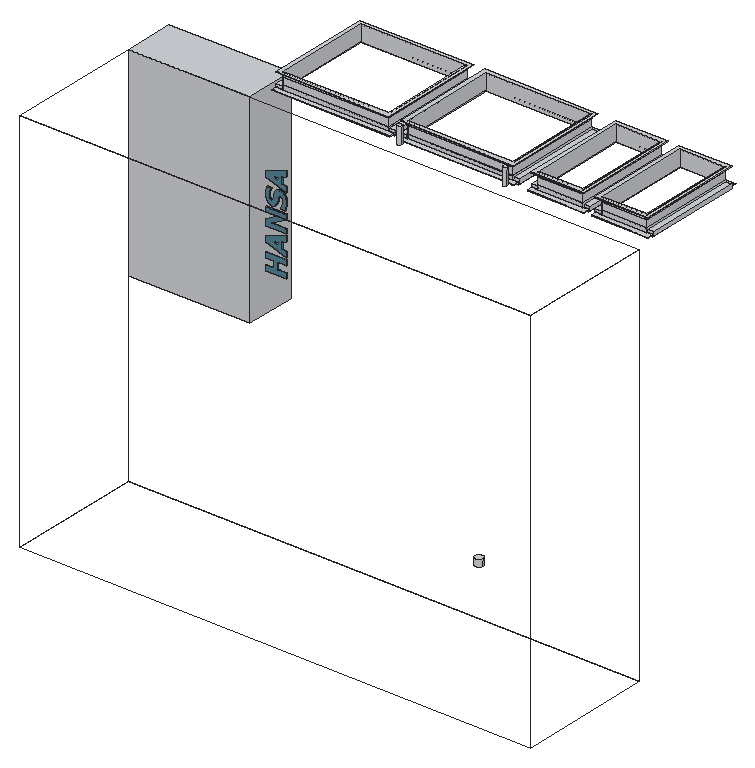
Revit family "KL-P-015-iK-G-R", category HLS-Bauteile, Revit 2020
Family settings
  Bemaßung runder Anschluss = Durchmesser verwenden
  Klassifizierung = Keine
  Teiletyp = Normal
  Arbeitsebenenbasiert = Nein
  Immer vertikal = Ja
  Beim Laden mit Abzugskörper schneiden = Nein
  Gemeinsam genutzt = Nein
  Raumberechnungspunkt = Nein
Parameters
  Zuluftbreite [instance] = 520 mm  # constant formula
  Vorgabe-Ansicht = 0 mm
  TyS [instance] = size_lookup("TyS_Hansa_KL_P", "", "ND", RLT_Serie, Gehaeuserichtung, Gehaeuseausfuehrung, RLT_MSR_KZ)  # "KL-P-015-iK-G-R-eCS"
  Schaltschrankbreite [instance] = 600 mm
  Schaltschrank_montiert [instance] = yes
  SSaG [instance] = and(or(Regelung SAIA, Regelung OJ), Schaltschrank_montiert)  # yes
  Regelung SAIA [instance] = yes
  Regelung OJ [instance] = no
  RLT_Volumenstrom_max = 1500 m³/h  # constant formula
  RLT_Volumenstrom_Unit_2 [instance] = 1500 m³/h
  RLT_Volumenstrom_Unit_1 [instance] = 1500 m³/h
  RLT_Typenschlüssel [instance] = TyS  # "KL-P-015-iK-G-R-eCS"
  RLT_Serie = "KL-P-015-iK"  # constant formula
  RLT_Material_außen [instance] = Stahlblech verzinkt + RAL 9002
  RLT_MSR_KZ [instance] = if(Regelung SAIA, "eCS", if(Regelung OJ, "eCO", "-"))  # "eCS"
  RLT_Länge [instance] = L  # 1920 mm
  RLT_Höhe = H  # 1790 mm
  RLT_Gewicht [instance] = size_lookup("TD_Hansa_KL_P", "Gewicht", 0 mm, TyS) / 1 mm * 1.00 kg  # 0.00 kg
  RLT_Breite = B  # 670 mm
  Modell = "KL-P-015-iK-G-R"  # constant formula
  L2 = 660 mm  # constant formula
  L1 = 1260 mm  # constant formula
  L = L1 + L2  # 1920 mm
  Kanaltiefe [instance] = RLT_Breite - 190 mm  # 480 mm
  Hersteller = "Hansa"  # constant formula
  H = 1790 mm  # constant formula
  GeräteOK [instance] = H + Fuß  # 1910 mm
  Gehaeuserichtung [instance] = "R"  # constant formula
  Gehaeuseausfuehrung [instance] = "geteilt"  # constant formula
  GD_Spannung [instance] = 230 V
  GD_Phasen [instance] = 1
  GD_Nennstrom [instance] = 0 A
  GD_Anschlussleistung [instance] = 0 W
  Fuß [instance] = 120 mm  # constant formula
  Fortluftbreite = 220 mm  # constant formula
  Bedienzone [instance] = yes
  Baugruppe [instance] = "RLT-Gerät"  # constant formula
  BZl [instance] = if(and(or(Regelung SAIA, Regelung OJ), Schaltschrank_montiert), L + Schaltschrankbreite, L)  # 2520 mm
  B = 670 mm  # constant formula
  Außenluftbreite = 220 mm  # constant formula
  Abluftbreite [instance] = 520 mm  # constant formula
Reference planes
  plane 1 "Mitte (Vorne/hinten)": y = 0
  plane 2: z = 0
  plane 3 "Mitte (Links/rechts)": x = 0
  plane 4: x = -960
  plane 5: x = 960
  plane 6 "GV": y = -335
  plane 7 "GH": y = 335
  plane 8 "OKG": z = 1910
  plane 9: y = 272.5
  plane 10: y = -312.5
  plane 11: x = -897.5
  plane 12: x = 897.5
  plane 13: x = -377.5
  plane 14: x = -282.5
  plane 15: x = 237.5
  plane 16: x = 677.5
  plane 17: x = 582.5
  plane 18: x = 362.5
  plane 19: z = 1990
  plane 20 "UKG": z = 120
  plane 21: y = -85
  plane 22: y = -125
  plane 23: z = 90
  plane 24: y = -259
  plane 25: x = 300
  plane 26: y = -1005
  plane 27: x = -1560
Forms (mm)
  Extrusion 1, solid, visible <- "SSaG"
    sketch origin (-61.559, 0, -70) x (1, 0, 0) y (0, 0, 1)
      loop
        line (-1498.441, 1980) -> (-1498.441, 980) -> (-898.441, 980) -> (-898.441, 1980) -> (-1498.441, 1980)
    from 335 to 85
  Extrusion 2, solid
    sketch origin (0, 0, 0) x (1, 0, 0) y (0, 1, 0)
      loop
        circle (0, -125) r 20
    from 120 to 90
  Extrusion 3, solid, material "Glas - klar", visible <- "Bedienzone"
    sketch origin (-600, 0, 0) x (1, 0, 0) y (0, 1, 0)
      loop
        line (-960, -335) -> (-960, -1005) -> (1560, -1005) -> (1560, -335) -> (-960, -335)
    from 1910 to 0
  Extrusion 4, solid
    sketch origin (0, 0, 0) x (1, 0, 0) y (0, 1, 0)
      loop
        circle (-282.5, -259) r 10
    from 1990 to 1910
  Extrusion 5, solid
    sketch origin (0, 0, 0) x (1, 0, 0) y (0, 1, 0)
      loop
        circle (237.5, -259) r 10
    from 1990 to 1910
Dimensions and locks
  equal spacing: plane 4, plane 3 "Mitte (Links/rechts)", plane 5
  "L": plane 4 to plane 5
  "B": plane 7 "GH" to plane 6 "GV"
  locked: plane 7 "GH" to plane 9 at 62.5
  locked: plane 4 to plane 11 at 62.5
  locked: plane 12 to plane 5 at 62.5
  "Abluftbreite": plane 11 to plane 13
  locked: plane 13 to plane 14 at 95
  "Zuluftbreite": plane 14 to plane 15
  "Fortluftbreite": plane 16 to plane 12
  locked: plane 17 to plane 16 at 95
  "Außenluftbreite": plane 18 to plane 17
  plane 15 to plane 18 = 125 mm
  locked: nested 3 to plane 16 at 95
  "Fuß": plane 20 "UKG" to level
  plane 19 to plane 8 "OKG" = 80 mm
  locked: plane 4 to nested 1 at 62.5
  locked: plane 13 to nested 2 at 95
  locked: nested 4 to plane 5 at 62.5
  plane 5 to Extrusion 1 = 1920 mm
  "RLT_Höhe": plane 8 "OKG" to plane 20 "UKG"
  equal spacing: plane 7 "GH", plane 1 "Mitte (Vorne/hinten)", plane 6 "GV"
  locked: plane 6 "GV" to plane 21 at 250
  locked: plane 6 "GV" to plane 22 at 210
  plane 20 "UKG" to plane 23 = 30 mm
  locked: plane 24 to plane 6 "GV" at 76
  "L1": plane 4 to plane 25
  "B": plane 26 to plane 6 "GV"
  "BZl": Extrusion 3 to Extrusion 3
  "Schaltschrankbreite": plane 27 to plane 4
  plane 18 to plane 15 = 125 mm
  aligned and locked: level to plane 2
  aligned and locked: plane 8 "OKG" to Extrusion 1
  aligned and locked: Extrusion 1 to plane 6 "GV"
  aligned and locked: plane 21 to Extrusion 1
  aligned and locked: plane 20 "UKG" to Extrusion 2
  aligned and locked: Extrusion 2 to plane 23
  aligned and locked: Extrusion 3 to plane 6 "GV"
  aligned and locked: Extrusion 3 to plane 26
  aligned and locked: plane 8 "OKG" to Extrusion 3
  aligned and locked: Extrusion 1 to plane 4
  aligned and locked: plane 19 to Extrusion 4
  aligned and locked: Extrusion 4 to plane 8 "OKG"
  aligned and locked: plane 19 to Extrusion 5
  aligned and locked: Extrusion 1 to Extrusion 3
  aligned and locked: plane 7 "GH" to nested 6
  aligned and locked: plane 4 to nested 6
Automatic sketch dimensions
  Extrusion 1 sketch curve to plane 5 = 2520 mm
  Extrusion 1 sketch curve to plane 8 "OKG" = 0 mm
  Extrusion 1 sketch curve to plane 5 = 1920 mm
  plane 20 "UKG" to Extrusion 1 sketch curve = 790 mm
  Extrusion 2 sketch curve to plane 3 "Mitte (Links/rechts)" = 0 mm
  Extrusion 2 sketch curve to plane 22 = 0 mm
  plane 4 to Extrusion 3 sketch curve = 600 mm
  Extrusion 3 sketch curve to plane 5 = 0 mm
  Extrusion 3 sketch curve to plane 26 = 0 mm
  plane 6 "GV" to Extrusion 3 sketch curve = 0 mm
  Extrusion 4 sketch curve to plane 14 = 0 mm
  Extrusion 4 sketch curve to plane 24 = 0 mm
  Extrusion 5 sketch curve to plane 15 = 0 mm
  Extrusion 5 sketch curve to plane 24 = 0 mm
  radius of Extrusion 2 sketch curve = 20 mm
  radius of Extrusion 4 sketch curve = 10 mm
  radius of Extrusion 5 sketch curve = 10 mm
Nested families
  nested 1: "Kanalstutzen" at (-637.5, 29.209, 1910) x (1, 0, 0) z (0, -1, 0), 2570_EST_Breite <- "Abluftbreite", 2571_EST_Höhe <- "Kanaltiefe", built-in parameter 1001360 <- "GeräteOK", type "Kanalstutzen"
    with Tiefe 80 mm, RahmenG2 20 mm, RahmenG1 30 mm, Höhe 480 mm, Breite 520 mm, 2572_EST_Tiefe 80 mm, 2571_EST_Höhe 480 mm, 2570_EST_Breite 520 mm, 1966_EST_Rahmentyp ""
  nested 2: "Kanalstutzen" at (-22.5, 29.209, 1910) x (1, 0, 0) z (0, -1, 0), 2570_EST_Breite <- "Zuluftbreite", 2571_EST_Höhe <- "Kanaltiefe", built-in parameter 1001360 <- "GeräteOK", type "Kanalstutzen"
    with Tiefe 80 mm, RahmenG2 20 mm, RahmenG1 30 mm, Höhe 480 mm, Breite 520 mm, 2572_EST_Tiefe 80 mm, 2571_EST_Höhe 480 mm, 2570_EST_Breite 520 mm, 1966_EST_Rahmentyp ""
  nested 3: "Kanalstutzen" at (472.5, 29.209, 1910) x (1, 0, 0) z (0, -1, 0), 2570_EST_Breite <- "Außenluftbreite", 2571_EST_Höhe <- "Kanaltiefe", built-in parameter 1001360 <- "GeräteOK", type "Kanalstutzen"
    with Tiefe 80 mm, RahmenG2 20 mm, RahmenG1 30 mm, Höhe 480 mm, Breite 220 mm, 2572_EST_Tiefe 80 mm, 2571_EST_Höhe 480 mm, 2570_EST_Breite 220 mm, 1966_EST_Rahmentyp ""
  nested 4: "Kanalstutzen" at (787.5, 29.209, 1910) x (1, 0, 0) z (0, -1, 0), 2570_EST_Breite <- "Fortluftbreite", 2571_EST_Höhe <- "Kanaltiefe", built-in parameter 1001360 <- "GeräteOK", type "Kanalstutzen"
    with Tiefe 80 mm, RahmenG2 20 mm, RahmenG1 30 mm, Höhe 480 mm, Breite 220 mm, 2572_EST_Tiefe 80 mm, 2571_EST_Höhe 480 mm, 2570_EST_Breite 220 mm, 1966_EST_Rahmentyp ""
  nested 5: "Hansa_Aufkleber_klein" at (-780, -335, 1390) x (0, 0, 1) z (0, -1, 0), type "Hansa_Aufkleber_klein"
  nested 6: "P-015-G-R_ipt" at (0, 0, 0), type "Norm"
Connectors
  hvac at (-637.5, 29.209, 1989), driven by "RLT_Volumenstrom_Unit_2", driven by "Abluftbreite", driven by "Kanaltiefe"
    settings: on nested 1, index 1, duct flow 1500 m³/h, flow factor 0, pres drop 0.0 Pa, loss coef 0, conn angle 0.00°, conn width 520 mm, conn height 480 mm, conn diameter 609.6 mm, duct sys type 2, conn prof type 1, flow config 0, flow direction 1, loss method 0, conn ref index -1, conn util no, is conn primary yes, conn desc ""
  hvac at (-22.5, 29.209, 1989), driven by "RLT_Volumenstrom_Unit_1", driven by "Zuluftbreite", driven by "Kanaltiefe"
    settings: on nested 2, index 2, duct flow 1500 m³/h, flow factor 0, pres drop 0.0 Pa, loss coef 0, conn angle 0.00°, conn width 520 mm, conn height 480 mm, conn diameter 609.6 mm, duct sys type 1, conn prof type 1, flow config 0, flow direction 2, loss method 0, conn ref index -1, conn util no, is conn primary no, conn desc ""
  hvac at (472.5, 29.209, 1989), driven by "RLT_Volumenstrom_Unit_1", driven by "Außenluftbreite", driven by "Kanaltiefe"
    settings: on nested 3, index 3, duct flow 1500 m³/h, flow factor 0, pres drop 0.0 Pa, loss coef 0, conn angle 0.00°, conn width 220 mm, conn height 480 mm, conn diameter 609.6 mm, duct sys type 1, conn prof type 1, flow config 0, flow direction 1, loss method 0, conn ref index -1, conn util no, is conn primary no, conn desc ""
  hvac at (787.5, 29.209, 1989), driven by "RLT_Volumenstrom_Unit_2", driven by "Fortluftbreite", driven by "Kanaltiefe"
    settings: on nested 4, index 4, duct flow 1500 m³/h, flow factor 0, pres drop 0.0 Pa, loss coef 0, conn angle 0.00°, conn width 220 mm, conn height 480 mm, conn diameter 609.6 mm, duct sys type 3, conn prof type 1, flow config 1, flow direction 2, loss method 0, conn ref index -1, conn util no, is conn primary no, conn desc ""
  piping at (0, -125, 90), diameter 40
    settings: on Extrusion 2, index 5, connector inside diameter 609.6 mm, connector length 0 mm, flow factor 0, pipe flow 0.0 L/s, pressure drop 0.0 Pa, fitting loss kfactor 0, connector angle 0.00°, fixture units 0, engagement length 0 mm, angle of deflection 0.00°, flow configuration 0, flow direction 2, fitting loss method 0, system type 16, joint type 0, gender type 0, connector reference index -1, connector utility 0, adjustable connector no, is connector primary yes, connector description ""
  piping at (-282.5, -259, 1990), diameter 20
    settings: on Extrusion 4, index 6, connector inside diameter 609.6 mm, connector length 0 mm, flow factor 0, pipe flow 0.0 L/s, pressure drop 0.0 Pa, fitting loss kfactor 0, connector angle 0.00°, fixture units 0, engagement length 0 mm, angle of deflection 0.00°, flow configuration 0, flow direction 0, fitting loss method 0, system type 19, joint type 0, gender type 0, connector reference index -1, connector utility 0, adjustable connector no, is connector primary no, connector description ""
  piping at (237.5, -259, 1990), diameter 20
    settings: on Extrusion 5, index 7, connector inside diameter 609.6 mm, connector length 0 mm, flow factor 0, pipe flow 0.0 L/s, pressure drop 0.0 Pa, fitting loss kfactor 0, connector angle 0.00°, fixture units 0, engagement length 0 mm, angle of deflection 0.00°, flow configuration 0, flow direction 0, fitting loss method 0, system type 19, joint type 0, gender type 0, connector reference index -1, connector utility 0, adjustable connector no, is connector primary no, connector description ""
Definition of nested family "Kanalstutzen"
  Parameters (values of type "Kanalstutzen")
    Default Elevation = 0 mm
    Tiefe [instance] = [2572_EST_Tiefe]  # 80 mm
    RahmenG2 [instance] = 20 mm
    RahmenG1 [instance] = 30 mm
    Höhe [instance] = [2571_EST_Höhe]  # 500 mm
    Manufacturer = "Hansa"
    Breite [instance] = [2570_EST_Breite]  # 1000 mm
    Description = "Durchbruchsverkleidung"
    2572_EST_Tiefe [instance] = 80 mm
    2571_EST_Höhe [instance] = 500 mm
    2570_EST_Breite [instance] = 1000 mm
    1966_EST_Rahmentyp [instance] = ""
  Reference planes
    plane 1 "Mitte (Vorne/hinten)": y = 0
    plane 2: z = 0
    plane 3 "Mitte (Links/rechts)": x = 0
    plane 4: x = -500
    plane 5: x = 500
    plane 6 "hinten": y = 80
    plane 7: z = 250
    plane 8: z = -250
    plane 9 "R1links": x = -530
    plane 10 "R1rechts": x = 530
    plane 11 "R2links": x = -520
    plane 12 "R2rechts": x = 520
    plane 13 "R1oben": z = 280
    plane 14 "R1unten": z = -280
    plane 15: z = -270
    plane 16: z = 270
  Forms (mm)
    Sweep 1, solid
      path origin (0, 0, 0) x (1, 0, 0) y (0, 0, 1)
        loop
          line (-500, 250) -> (-500, -250) -> (500, -250) -> (500, 250) -> (-500, 250)
      profile origin (0, 0, 250) x (0, 0, 1) y (0, -1, 0)
        loop
          line (0, -40) -> (0, -80) -> (20, -80) -> (20, -79) -> (1.999, -79) -> (1.999, -59) -> (0.962, -59) -> (0.962, -21.406) -> (1.999, -21.406) -> (1.999, -1.406) -> (30, -1.406) -> (30, 0) -> (0, 0) -> (0, -40)
  Dimensions and locks
    equal spacing: plane 4, plane 3 "Mitte (Links/rechts)", plane 5
    "Breite": plane 4 to plane 5
    equal spacing: plane 7, level, plane 8
    "Höhe": plane 7 to plane 8
    "RahmenG1": plane 9 "R1links" to plane 4
    "RahmenG1": plane 5 to plane 10 "R1rechts"
    "RahmenG2": plane 11 "R2links" to plane 4
    "RahmenG2": plane 5 to plane 12 "R2rechts"
    "RahmenG1": plane 13 "R1oben" to plane 7
    "RahmenG1": plane 8 to plane 14 "R1unten"
    "RahmenG2": plane 16 to plane 7
    "RahmenG2": plane 8 to plane 15
    Sweep 1 sketch curve to Sweep 1 sketch curve = 1.406 mm
    Sweep 1 sketch curve to Sweep 1 sketch curve = 1 mm
    Sweep 1 sketch curve to Sweep 1 sketch curve = 0.962 mm
    "2572_EST_Tiefe": plane 6 "hinten" to plane 1 "Mitte (Vorne/hinten)"
    aligned and locked: level to plane 2
    aligned and locked: plane 16 to Sweep 1 sketch curve
    aligned and locked: plane 13 "R1oben" to Sweep 1 sketch curve
    aligned and locked: plane 1 "Mitte (Vorne/hinten)" to Sweep 1
    aligned and locked: plane 1 "Mitte (Vorne/hinten)" to nested 1
    aligned and locked: nested 1 to plane 10 "R1rechts"
    aligned and locked: nested 2 to plane 9 "R1links"
    aligned and locked: plane 8 to nested 2
    aligned and locked: nested 1 to plane 8
  Automatic sketch dimensions
    plane 4 to Sweep 1 sketch curve = 0 mm
    plane 5 to Sweep 1 sketch curve = 0 mm
    Sweep 1 sketch curve to plane 8 = 0 mm
    Sweep 1 sketch curve to plane 7 = 0 mm
    Sweep 1 sketch curve to plane 1 "Mitte (Vorne/hinten)" = 0 mm
    profile plane to Sweep 1 sketch curve = 0 mm
    Sweep 1 sketch curve to profile plane = 1.999 mm  (x2)
    Sweep 1 sketch curve to Sweep 1 sketch curve = 20 mm  (x2)
    Sweep 1 sketch curve to Sweep 1 sketch curve = 18.594 mm
    Sweep 1 sketch curve to Sweep 1 sketch curve = 19 mm
  Nested families
    nested 1: "EGJK30" at (520, 0, -250), L <- "Höhe", type "EGJK30"
      with L 500 mm
    nested 2: "EGJK30" at (-520, 0, -250) x (-1, 0, 0) z (0, 0, 1), L <- "Höhe", type "EGJK30"
      with L 500 mm
  Definition of nested family "EGJK30"
    Parameters (values of type "EGJK30")
      Default Elevation = 0 mm
      L [instance] = 1000 mm
    Reference planes
      plane 1 "Mitte (Vorne/hinten)": y = 0
      plane 2: z = 0
      plane 3 "Mitte (Links/rechts)": x = 0
    Forms (mm)
      Extrusion 1, solid
        sketch origin (16.67, -35.46, 0) x (1, 0, 0) y (0, 1, 0)
          loop
            line (-26.67, 25.46) -> (-6.67, 25.46) -> (-6.67, 30.46) -> (-1.67, 30.46) -> (-1.67, 50.46) -> (-34.67, 50.46) -> (-34.67, 38.46) -> (-5.67, 38.46) -> (-5.67, 35.46) -> (-25.67, 35.46) -> (-25.67, 36.96) -> (-34.67, 36.96) -> (-34.67, 33.96) -> (-26.67, 25.46)
        from 0 to 1000
    Dimensions and locks
      "L": Extrusion 1 to Extrusion 1
      aligned and locked: level to plane 2
    Automatic sketch dimensions
      plane 1 "Mitte (Vorne/hinten)" to Extrusion 1 sketch curve = 0 mm
      Extrusion 1 sketch curve to plane 3 "Mitte (Links/rechts)" = 18 mm
      plane 1 "Mitte (Vorne/hinten)" to Extrusion 1 sketch curve = 1.5 mm
      Extrusion 1 sketch curve to Extrusion 1 sketch curve = 0 mm
      Extrusion 1 sketch curve to plane 3 "Mitte (Links/rechts)" = 10 mm
      Extrusion 1 sketch curve to plane 3 "Mitte (Links/rechts)" = 9 mm
      plane 1 "Mitte (Vorne/hinten)" to Extrusion 1 sketch curve = 5 mm
      plane 3 "Mitte (Links/rechts)" to Extrusion 1 sketch curve = 10 mm
      Extrusion 1 sketch curve to Extrusion 1 sketch curve = 1 mm
      Extrusion 1 sketch curve to Extrusion 1 sketch curve = 5 mm
      plane 1 "Mitte (Vorne/hinten)" to Extrusion 1 sketch curve = 10 mm
      Extrusion 1 sketch curve to plane 1 "Mitte (Vorne/hinten)" = 1.5 mm
      Extrusion 1 sketch curve to Extrusion 1 sketch curve = 1.5 mm
      Extrusion 1 sketch curve to Extrusion 1 sketch curve = 12 mm
Definition of nested family "Hansa_Aufkleber_klein"
  Parameters (values of type "Hansa_Aufkleber_klein")
    Default Elevation = 1219.2 mm
  Reference planes
    plane 1 "Mitte (Vorne/hinten)": y = 0
    plane 2: z = 0
    plane 3 "Mitte (Links/rechts)": x = 0
  Forms (mm)
    Extrusion 1, solid, detail levels medium+fine
      sketch origin (6.994, -10.767, 0) x (1, 0, 0) y (0, 1, 0)
        loop
          line (-226.694, 10.767) -> (-201.573, 10.767) -> (-201.573, 55.095) -> (-167.456, 55.095) -> (-167.456, 10.767) -> (-142.335, 10.767) -> (-142.335, 110.767) -> (-167.456, 110.767) -> (-167.456, 74.138) -> (-201.573, 74.138) -> (-201.573, 110.767) -> (-226.694, 110.767) -> (-226.694, 10.767)
        loop
          line (202.074, 82.404) -> (191.782, 49.341) -> (212.284, 49.341) -> (202.074, 82.404)
        loop
          line (188.703, 110.767) -> (154.91, 10.767) -> (180.032, 10.767) -> (186.353, 31.189) -> (217.795, 31.189) -> (224.035, 10.767) -> (249.886, 10.767) -> (216.093, 110.767) -> (188.703, 110.767)
        loop
          line (34.084, 10.767) -> (58.233, 10.767) -> (58.233, 110.767) -> (35.299, 110.767) -> (35.299, 53.474) -> (3.37, 110.767) -> (-27.424, 110.767) -> (-27.424, 10.767) -> (-4.49, 10.767) -> (-4.49, 80.459) -> (34.084, 10.767)
        loop
          line (-85.203, 82.404) -> (-95.495, 49.341) -> (-74.993, 49.341) -> (-85.203, 82.404)
        loop
          line (-98.575, 110.767) -> (-132.367, 10.767) -> (-107.245, 10.767) -> (-100.925, 31.189) -> (-69.482, 31.189) -> (-63.242, 10.767) -> (-37.391, 10.767) -> (-71.184, 110.767) -> (-98.575, 110.767)
        loop
          line (73.143, 16.683) -> (80.903, 13.695) -> (89.27, 11.213) -> (93.783, 10.238) -> (98.65, 9.542) -> (103.872, 9.124) -> (109.448, 8.984) -> (114.303, 9.126) -> (118.902, 9.552) -> (123.243, 10.261) -> (127.327, 11.253) -> (131.154, 12.53) -> (134.724, 14.09) -> (138.037, 15.933) -> (141.093, 18.061) -> (143.838, 20.421) -> (146.216, 22.963) -> (148.229, 25.688) -> (149.876, 28.595) -> (151.156, 31.685) -> (152.071, 34.957) -> (152.62, 38.411) -> (152.803, 42.048) -> (152.724, 44.578) -> (152.487, 46.981) -> (152.091, 49.257) -> (151.537, 51.407) -> (150.825, 53.431) -> (149.954, 55.328) -> (148.925, 57.098) -> (147.738, 58.741) -> (144.874, 61.745) -> (141.346, 64.434) -> (137.155, 66.81) -> (132.301, 68.871) -> (127.124, 70.542) -> (122.293, 71.829) -> (112.609, 74.057) -> (109.035, 74.977) -> (106.095, 75.952) -> (103.788, 76.982) -> (102.114, 78.069) -> (100.927, 79.287) -> (100.078, 80.713) -> (99.569, 82.346) -> (99.4, 84.187) -> (99.506, 85.453) -> (99.825, 86.659) -> (100.357, 87.803) -> (101.101, 88.887) -> (102.965, 90.731) -> (105.153, 92.048) -> (107.99, 93.142) -> (110.664, 93.83) -> (113.439, 94.195) -> (116.579, 94.317) -> (120.768, 94.112) -> (124.906, 93.496) -> (128.993, 92.471) -> (133.03, 91.035) -> (136.889, 89.3) -> (140.445, 87.378) -> (143.697, 85.268) -> (146.644, 82.971) -> (148.832, 82.971) -> (148.832, 105.824) -> (145.231, 107.285) -> (141.397, 108.589) -> (137.33, 109.737) -> (133.03, 110.727) -> (128.608, 111.524) -> (124.177, 112.094) -> (119.735, 112.436) -> (115.283, 112.55) -> (110.919, 112.414) -> (106.741, 112.006) -> (102.749, 111.325) -> (98.944, 110.372) -> (95.324, 109.147) -> (91.891, 107.65) -> (88.644, 105.88) -> (85.583, 103.839) -> (82.8, 101.578) -> (80.389, 99.151) -> (78.348, 96.559) -> (76.679, 93.8) -> (75.38, 90.876) -> (74.453, 87.786) -> (73.896, 84.53) -> (73.711, 81.108) -> (74.025, 76.136) -> (74.967, 71.596) -> (76.537, 67.486) -> (78.735, 63.806) -> (80.094, 62.119) -> (81.657, 60.522) -> (83.426, 59.014) -> (85.4, 57.597) -> (87.58, 56.269) -> (89.964, 55.031) -> (92.553, 53.884) -> (95.348, 52.826) -> (100.625, 51.195) -> (106.247, 49.868) -> (111.869, 48.642) -> (117.147, 47.315) -> (119.104, 46.707) -> (120.925, 45.937) -> (122.609, 45.006) -> (124.156, 43.912) -> (125.451, 42.645) -> (126.375, 41.197) -> (126.929, 39.566) -> (127.114, 37.753) -> (127, 36.17) -> (126.658, 34.744) -> (126.089, 33.475) -> (125.291, 32.364) -> (123.275, 30.53) -> (120.874, 29.163) -> (118.413, 28.312) -> (115.242, 27.704) -> (112.052, 27.339) -> (109.529, 27.218) -> (105.242, 27.433) -> (100.889, 28.079) -> (96.47, 29.155) -> (91.985, 30.662) -> (87.561, 32.569) -> (83.324, 34.845) -> (79.274, 37.492) -> (75.413, 40.508) -> (73.143, 40.508) -> (73.143, 16.683)
      from 0 to 2
  Dimensions and locks
    aligned and locked: level to plane 2
Definition of nested family "P-015-G-R_ipt"
  Parameters (values of type "Norm")
    Default Elevation = 0 mm
  Reference planes
    plane 1 "Mitte (Vorne/Hinten)": y = 0
    plane 2: z = 0
    plane 3 "Mitte (Links/Rechts)": x = 0
  Dimensions and locks
    aligned and locked: level to plane 2
